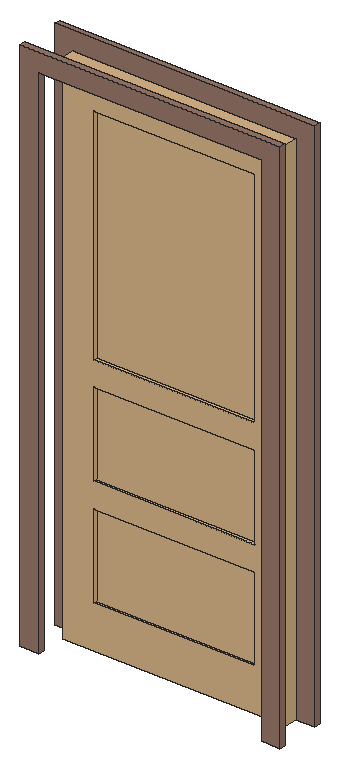
Revit family
Parameters (values of type "0915 x 2134mm")
  Thickness = 51.00 mm
  문 재료 = 문 - 패널
  프레임 재료 = 문 - 프레임
  Height = 2134.00 mm
  난간 폭 - 하단 = 175.00 mm
  난간 폭 - 중심 = 100.00 mm
  난간 폭 - 상단 = 150.00 mm
  선틀 폭 = 127.00 mm
  상단 패널 = 915.00 mm
  자르기 투영 외부 = 25.00 mm
  자르기 투영 내부 = 25.00 mm
  자르기 폭 = 76.00 mm
  Wall Closure = (empty or 0)
  Width = 915.00 mm
Types (7, lengths in mm): name | Height | Width
  0915 x 2134mm | 2134.00 | 915.00
  0864 x 2134mm | 2134.00 | 864.00
  0813 x 2134mm | 2134.00 | 813.00
  0762 x 2134mm | 2134.00 | 762.00
  0762 x 2032mm | 2032.00 | 762.00
  0915 x 2032mm | 2032.00 | 915.00
  0864 x 2032mm | 2032.00 | 864.00
Reference planes
  plane 1: y = 0
  plane 2: z = 0
  plane 3: x = 0
  plane 4: x = -457.5
  plane 5: x = 457.5
  plane 6: z = 2134
  plane 7: z = 1984
  plane 8: z = 1069
  plane 9: z = 969
  plane 10: z = 622
  plane 11: z = 522
  plane 12: z = 175
  plane 13: x = -330.5
  plane 14: x = 330.5
  plane 15: y = -76.2
Forms (mm)
  Extrusion 1, solid, material "문 - 패널" <- "문 재료"
    sketch origin (-1524, -76.2, 0) x (1, 0, 0) y (0, 0, 1)
      loop
        line (1066.5, 2134) -> (1066.5, 0) -> (1981.5, 0) -> (1981.5, 2134) -> (1066.5, 2134)
      loop
        line (1193.5, 1069) -> (1854.5, 1069) -> (1854.5, 1984) -> (1193.5, 1984) -> (1193.5, 1069)
      loop
        line (1193.5, 622) -> (1854.5, 622) -> (1854.5, 969) -> (1193.5, 969) -> (1193.5, 622)
      loop
        line (1193.5, 522) -> (1193.5, 175) -> (1854.5, 175) -> (1854.5, 522) -> (1193.5, 522)
    from -101.4 to -152.4
  Extrusion 2, solid, material "문 - 패널" <- "문 재료"
    sketch origin (-1524, 25.2, 0) x (1, 0, 0) y (0, 0, 1)
      loop
        line (1193.5, 1984) -> (1193.5, 1069) -> (1854.5, 1069) -> (1854.5, 1984) -> (1193.5, 1984)
      loop
        line (1193.5, 969) -> (1193.5, 622) -> (1854.5, 622) -> (1854.5, 969) -> (1193.5, 969)
      loop
        line (1854.5, 175) -> (1854.5, 522) -> (1193.5, 522) -> (1193.5, 175) -> (1854.5, 175)
    from -12.7 to -38.3
  Extrusion 3, solid, material "문 - 프레임" <- "프레임 재료"
    sketch origin (-1524, 76.2, 0) x (-1, 0, 0) y (0, 0, 1)
      loop
        line (-1981.5, 0) -> (-1981.5, 2134) -> (-1066.5, 2134) -> (-1066.5, 0) -> (-990.5, 0) -> (-990.5, 2210) -> (-2057.5, 2210) -> (-2057.5, 0) -> (-1981.5, 0)
    from 0.4 to 25.4
  Extrusion 4, solid, material "문 - 프레임" <- "프레임 재료"
    sketch origin (-1524, -76.2, 0) x (1, 0, 0) y (0, 0, 1)
      loop
        line (1066.5, 0) -> (1066.5, 2134) -> (1981.5, 2134) -> (1981.5, 0) -> (2057.5, 0) -> (2057.5, 2210) -> (990.5, 2210) -> (990.5, 0) -> (1066.5, 0)
    from 0 to 25
Lines and regions (mm)
  Opening 1
    outline origin (-1524, -76.2, 3657.6) x (0, 0, -1) y (1, 0, 0)
      loop
        line (1523.6, 1066.5) -> (3657.6, 1066.5) -> (3657.6, 1981.5) -> (1523.6, 1981.5) -> (1523.6, 1066.5)
  symbolic lines, style "DoorsPanelProjection"
    curve 1: line (457.5, 76.2, 0) -> (406.5, 76.2, 0)
    curve 2: line (457.5, 76.2, 0) -> (457.5, 991.2, 0)
    curve 3: line (457.5, 991.2, 0) -> (406.5, 991.2, 0)
    curve 4: line (406.5, 76.2, 0) -> (406.5, 991.2, 0)
  symbolic lines, style "평면 스윙"
    curve 5: arc (457.5, 991.2, 0) -> (-189.503, 723.203, 0) -> (-457.5, 76.2, 0) r 915
  model lines, style "DoorsFrameMullionProjection"
    curve 6: line (-533.7, -76.2, 2210) -> (533.5, -76.2, 2210)
    curve 7: line (533.5, -76.2, 2210) -> (533.5, -76.2, 0)
    curve 8: line (533.5, 76.2, 0) -> (533.5, 76.2, 2210)
    curve 9: line (-533.7, 76.2, 2210) -> (533.5, 76.2, 2210)
    curve 10: line (-533.7, 76.2, 2210) -> (-533.7, 76.2, 0)
  symbolic lines, style "입면도 스윙"
    curve 11: line (-457.5, 0, 2134) -> (457.5, 0, 1067)
    curve 12: line (457.5, 0, 1067) -> (-457.5, 0, 0)
Dimensions and locks
  equal spacing: plane 4, plane 3, plane 5
  "Width": plane 4 to plane 5
  locked: host wall to curve 1
  locked: host wall to curve 5 at 0
  control icon elem to plane 5 = 635.30 mm
  "Height": plane 6 to plane 2
  "자르기 폭": plane 5 to curve 7
  "자르기 폭": plane 6 to curve 6
  locked: curve 9 to host wall
  "선틀 폭": plane 4 to plane 13
  "선틀 폭": plane 14 to plane 5
  "난간 폭 - 하단": plane 12 to plane 2
  equal spacing: plane 8, plane 10, plane 12
  "상단 패널": plane 7 to plane 8
  "난간 폭 - 상단": plane 6 to plane 7
  "난간 폭 - 중심": plane 10 to plane 11
  "난간 폭 - 중심": plane 8 to plane 9
  locked: host wall to Extrusion 1
  "Thickness": Extrusion 1 to Extrusion 1
  "자르기 투영 외부": Extrusion 3 to Extrusion 3
  "자르기 투영 내부": plane 15 to Extrusion 4
  locked: host wall to Extrusion 2 at 12.7
  "Thickness": curve 4 to plane 5
  "자르기 폭": plane 4 to Extrusion 4 sketch curve
  "자르기 폭": Extrusion 4 to plane 4
  equal spacing: plane 6, curve 12, level
  aligned and locked: curve 7 to level
  aligned and locked: curve 8 to curve 7
  aligned and locked: plane 6 to Extrusion 1 sketch curve
  aligned and locked: Extrusion 1 sketch curve to curve 1
  aligned and locked: plane 5 to Extrusion 1 sketch curve
  aligned and locked: plane 14 to Extrusion 2 sketch curve
  aligned and locked: Extrusion 2 sketch curve to plane 12
  aligned and locked: plane 11 to Extrusion 2 sketch curve
  aligned and locked: Extrusion 2 sketch curve to plane 13
  aligned and locked: host wall to Extrusion 1
  aligned and locked: Extrusion 2 sketch curve to Extrusion 1  (x7)
  aligned and locked: plane 7 to Extrusion 2 sketch curve
  aligned and locked: plane 15 to host wall
  aligned and locked: curve 6 to Extrusion 4 sketch curve
  aligned and locked: Extrusion 4 sketch curve to curve 7
  aligned and locked: Extrusion 4 to Extrusion 3 sketch curve
  aligned and locked: Extrusion 3 sketch curve to Extrusion 4  (x2)
Automatic sketch dimensions
  Opening 1 sketch curve to plane 6 = 0.00 mm
  Opening 1 sketch curve to level = 0.00 mm
  Opening 1 sketch curve to plane 4 = 0.00 mm
  Opening 1 sketch curve to plane 5 = 0.00 mm
  curve 3 to plane 5 = 0.00 mm
  curve 5 to plane 4 = 0.00 mm
  Extrusion 1 sketch curve to plane 4 = 0.00 mm
  Extrusion 1 sketch curve to plane 10 = 0.00 mm
  Extrusion 1 sketch curve to plane 13 = 0.00 mm  (x3)
  Extrusion 1 sketch curve to plane 12 = 0.00 mm
  Extrusion 1 sketch curve to plane 8 = 0.00 mm
  Extrusion 1 sketch curve to plane 14 = 0.00 mm  (x3)
  Extrusion 1 sketch curve to plane 9 = 0.00 mm
  Extrusion 1 sketch curve to plane 11 = 0.00 mm
  Extrusion 1 sketch curve to plane 7 = 0.00 mm
  Extrusion 3 sketch curve to level = 0.00 mm  (x2)
  Extrusion 3 sketch curve to plane 5 = 0.00 mm
  Extrusion 3 sketch curve to plane 4 = 0.00 mm
  Extrusion 3 sketch curve to plane 6 = 0.00 mm
  Extrusion 4 sketch curve to level = 0.00 mm  (x2)
  Extrusion 4 sketch curve to plane 4 = 0.00 mm
  Extrusion 4 sketch curve to plane 5 = 0.00 mm
  Extrusion 4 sketch curve to plane 6 = 0.00 mm
  curve 11 to plane 4 = 0.00 mm
  curve 11 to plane 6 = 0.00 mm
  curve 11 to plane 5 = 0.00 mm
  curve 10 to level = 0.00 mm
  curve 12 to level = 0.00 mm
  curve 8 to level = 0.00 mm
  curve 12 to plane 4 = 0.00 mm
  curve 10 to curve 6 = 0.00 mm  (x2)
  plane 4 to curve 6 = 76.20 mm
